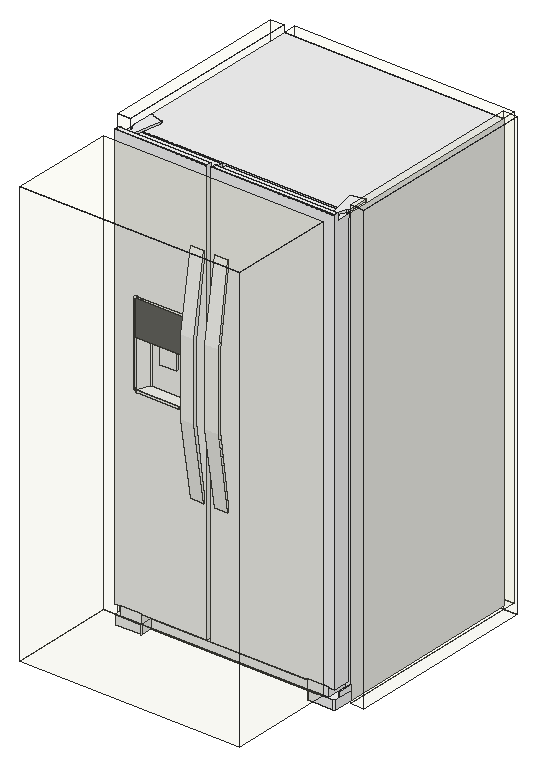
Revit family "WRS321SDHW-007c_Refrigeration_SXS", category Specialty Equipment, Revit 2026
Family settings
  Round Connector Dimension = Use Diameter
  Part Type = Normal
  Work Plane-Based = No
  Enable Cutting in Views = No
  Always vertical = Yes
  Cut with Voids When Loaded = No
  Maintain Annotation Orientation = No
  Shared = No
  Room Calculation Point = No
Parameters (values of type "WRS321SDHW")
  Width = 32 3/4"
  Warranty Duration (Years) = "One year limited"
  Voltage = 120 V
  URL = "https://www.whirlpool.com/kitchen/refrigeration/refrigerators/side-by-side/p.33-inch-wide-side-by-side-refrigerator-21-cu.-ft.wrs321sdhz.html"
  Specification = ""
  SpecWizard = ""
  Show Clearance [instance] = yes
  Send Message = ""
  Sales Information = "https://www.whirlpool.com/kitchen/refrigeration/refrigerators/side-by-side/p.33-inch-wide-side-by-side-refrigerator-21-cu.-ft.wrs321sdhz.html"
  Product Data = "https://www.whirlpool.com/content/dam/global/documents/201711/UseandCare-W11101941-RevA(ECO).pdf"
  Model = "WRS321SDHW"
  Manufacturer Website = ""
  Manufacturer Phone - Toll Free = ""
  Manufacturer Phone = ""
  Manufacturer Fax = ""
  Manufacturer Email = ""
  Manufacturer Address = ""
  Manufacturer = "Whirlpool"
  Maintenance Schedule (Months) = "NA"
  Leg Material = ARCAT - Metal - Steel - White
  Installation-Fabrication = "https://www.whirlpool.com/content/dam/global/documents/201802/installationinstructions-w11105301-reva-fr.pdf"
  Installation Phase = "NA"
  Height = 66 5/8"
  Handle Material = ARCAT - Metal - Steel - White
  HW size = 0"
  Family Name = "Freestanding Refrigerator"
  Expected Lifespan (Years) = "NA"
  Exhaust size = 0"
  Drawn By = ""
  Drain size = 0"
  Door Material = ARCAT - Metal - Steel - White
  Display Panel Material = ARCAT - Glass - Black
  Description = "Whirlpool® 33-inch Wide Side-by-Side Refrigerator - 21 cu. ft."
  Depth = 33 5/8"
  Default Elevation = 0"
  Copyright = ""
  Clearance Material = ARCAT - Clearance
  CW size = 0"
  Body Material = ARCAT - Metal - Steel - White
  Apparent Load = 0 VA
  Amps = 15 A
Reference planes (in)
  plane 1 "Center (Front/Back)": y = 0
  plane 2: z = 0
  plane 3 "Center (Left/Right)": x = 0
  plane 4: x = 16.375
  plane 5: x = -16.375
  plane 6: z = 66.625
  plane 7: y = -2
  plane 8: y = -35.625
  plane 9: z = 0
Forms (in)
  Extrusion 1, solid, material "ARCAT - Metal - Steel - White" <- "Body Material"
    sketch origin (0, -2, -0.5) x (1, 0, 0) y (0, 1, 0)
      loop
        line (-16.375, -0.125) -> (-16.375, -28.625) -> (16.375, -28.625) -> (16.375, -0.125) -> (-16.375, -0.125)
    from 1 to 66.125
  Extrusion 2, solid, material "ARCAT - Metal - Steel - White" <- "Body Material"
    sketch origin (-16.375, -2.125, -0.5) x (1, 0, 0) y (0, 0, -1)
      loop
        line (30, -1) -> (2.75, -1) -> (2.75, -1.5) -> (1, -1.5) -> (1, -11.04479) -> (3.09728, -11.04479) -> (3.09728, -11.38413) -> (7.94884, -11.38413)
        arc (7.94884, -11.38413) -> (7.96541, -11.391) -> (7.97228, -11.40757) r 0.02344
        line (7.97228, -11.40757) -> (7.97228, -11.78736) -> (30.33031, -11.78736) -> (30.33031, -11.38413) -> (31.72625, -11.38413)
        arc (31.72625, -11.38413) -> (31.74304, -11.37717) -> (31.75, -11.36038) r 0.02375
        line (31.75, -11.36038) -> (31.75, -1.5) -> (30, -1.5) -> (30, -1)
    from 0 to 0.0625
  Extrusion 3, void
    sketch origin (-16.375, -2.125, -0.5) x (-1, 0, 0) y (0, 0, -1)
      loop
        line (-2.70358, -8.12739) -> (-1.45358, -8.12739) -> (-1.45358, -5.37739) -> (-2.70358, -5.37739) -> (-2.70358, -8.12739)
    from -0.0625 to 0.86189
  Extrusion 4, solid, material "ARCAT - Clearance" <- "Clearance Material", visible <- "Show Clearance", detail levels medium+fine
    sketch origin (63.95747, -149.5, 68.375) x (-1, 0, 0) y (0, -1, 0)
      loop
        line (47.58247, -149.5) -> (80.33247, -149.5) -> (80.33247, -147.5) -> (47.58247, -147.5) -> (47.58247, -149.5)
    from -2.75 to -68.375
  Extrusion 5, solid, material "ARCAT - Metal - Steel - White" <- "Door Material"
    sketch origin (0, -4.375, 68.375) x (1, 0, 0) y (0, 1, 0)
      loop
        line (15.625, -26.25) -> (-2, -26.25) -> (-2, -29.25) -> (16.375, -29.25) -> (16.375, -26.75) -> (15.625, -26.75) -> (15.625, -26.25)
    from -3.25 to -65.125
  Extrusion 6, solid, material "ARCAT - Metal - Steel - White" <- "Door Material"
    sketch origin (0, -4.375, 68.375) x (1, 0, 0) y (0, 1, 0)
      loop
        line (-16.375, -29.25) -> (-2.625, -29.25) -> (-2.625, -26.25) -> (-15.625, -26.25) -> (-15.625, -26.75) -> (-16.375, -26.75) -> (-16.375, -29.25)
    from -3.25 to -65.125
  Extrusion 7, solid, material "ARCAT - Glass - Black" <- "Display Panel Material"
    sketch origin (-16.375, -33.625, 66.125) x (1, 0, 0) y (0, 0, 1)
      loop
        line (3.05715, -26.15412) -> (10.26402, -26.15412) -> (10.26402, -21.16472)
        arc (10.26402, -21.16472) -> (10.1908, -20.98795) -> (10.01402, -20.91472) r 0.25
        line (10.01402, -20.91472) -> (3.30715, -20.91472)
        arc (3.30715, -20.91472) -> (3.13038, -20.98795) -> (3.05715, -21.16472) r 0.25
        line (3.05715, -21.16472) -> (3.05715, -26.15412)
    from 0 to 0.0625
  Extrusion 8, solid, material "ARCAT - Metal - Steel - White" <- "Body Material"
    sketch origin (-16.375, -33.625, 63.125) x (1, 0, 0) y (0, 0, 1)
      loop
        arc (3.05715, -29.83753) -> (3.17663, -30.12597) -> (3.46508, -30.24545) r 0.40793
        line (3.46508, -30.24545) -> (9.85777, -30.24545)
        arc (9.85777, -30.24545) -> (10.14504, -30.12646) -> (10.26402, -29.8392) r 0.40625
        line (10.26402, -29.8392) -> (10.26402, -18.16472)
        arc (10.26402, -18.16472) -> (10.1908, -17.98795) -> (10.01402, -17.91472) r 0.25
        line (10.01402, -17.91472) -> (3.30715, -17.91472)
        arc (3.30715, -17.91472) -> (3.13038, -17.98795) -> (3.05715, -18.16472) r 0.25
        line (3.05715, -18.16472) -> (3.05715, -29.83753)
      loop
        arc (2.80715, -29.83753) -> (2.99985, -30.30275) -> (3.46508, -30.49545) r 0.65793
        line (3.46508, -30.49545) -> (9.85777, -30.49545)
        arc (9.85777, -30.49545) -> (10.32181, -30.30324) -> (10.51402, -29.8392) r 0.65625
        line (10.51402, -29.8392) -> (10.51402, -18.16472)
        arc (10.51402, -18.16472) -> (10.36758, -17.81117) -> (10.01402, -17.66472) r 0.5
        line (10.01402, -17.66472) -> (3.30715, -17.66472)
        arc (3.30715, -17.66472) -> (2.9536, -17.81117) -> (2.80715, -18.16472) r 0.5
        line (2.80715, -18.16472) -> (2.80715, -29.83753)
    from 0 to 0.0625
  Extrusion 9, solid, material "ARCAT - Metal - Steel - White" <- "Door Material"
    sketch origin (18, 0.59, 48) x (0, 1, 0) y (0, 0, -1)
      loop
        line (-31.4861, -17.125) -> (-34.215, -17.125) -> (-34.215, -18.59845)
        arc (-34.215, -18.59845) -> (-34.20723, -18.61722) -> (-34.18846, -18.625) r 0.02655
        line (-34.18846, -18.625) -> (-33.5593, -18.625)
        arc (-33.5593, -18.625) -> (-33.53996, -18.61699) -> (-33.53195, -18.59766) r 0.02734
        line (-33.53195, -18.59766) -> (-33.53195, -17.625) -> (-31.4861, -17.625) -> (-31.4861, -17.125)
    from 1.625 to 20
  Extrusion 10, solid, material "ARCAT - Metal - Steel - White" <- "Body Material"
    sketch origin (0.11177, -5.90625, 65.625) x (1, 0, 0) y (0, 1, 0)
      loop
        arc (-15.88854, -21.39842) -> (-16.12919, -21.45093) -> (-16.23677, -21.6725) r 0.28197
        line (-16.23677, -21.6725) -> (-16.23677, -23.92511)
        arc (-16.23677, -23.92511) -> (-16.21222, -24.28246) -> (-16.13903, -24.6331) r 2.61317
        arc (-16.13903, -24.6331) -> (-16.07566, -24.78883) -> (-15.97925, -24.92658) r 0.75155
        arc (-15.97925, -24.92658) -> (-15.69638, -25.60026) -> (-15.87916, -26.30769) r 1.14347
        arc (-15.87916, -26.30769) -> (-15.69831, -26.89334) -> (-15.15572, -26.60823) r 0.39844
        line (-15.15572, -26.60823) -> (-14.19515, -22.08907)
        arc (-14.19515, -22.08907) -> (-14.23227, -21.8807) -> (-14.40417, -21.75722) r 0.28125
        line (-14.40417, -21.75722) -> (-15.88854, -21.39842)
    from 0.25 to 0
  Extrusion 11, solid, material "ARCAT - Metal - Steel - White" <- "Body Material"
    sketch origin (-0.11177, -5.90625, 65.625) x (-1, 0, 0) y (0, -1, 0)
      loop
        line (-15.88854, 21.39842) -> (-14.40417, 21.75722)
        arc (-14.40417, 21.75722) -> (-14.23227, 21.8807) -> (-14.19515, 22.08907) r 0.28125
        line (-14.19515, 22.08907) -> (-15.15572, 26.60823)
        arc (-15.15572, 26.60823) -> (-15.69831, 26.89334) -> (-15.87916, 26.30769) r 0.39844
        arc (-15.87916, 26.30769) -> (-15.69638, 25.60026) -> (-15.97925, 24.92658) r 1.14347
        arc (-15.97925, 24.92658) -> (-16.07566, 24.78883) -> (-16.13903, 24.6331) r 0.75155
        arc (-16.13903, 24.6331) -> (-16.21222, 24.28246) -> (-16.23677, 23.92511) r 2.61317
        line (-16.23677, 23.92511) -> (-16.23677, 21.6725)
        arc (-16.23677, 21.6725) -> (-16.12919, 21.45093) -> (-15.88854, 21.39842) r 0.28197
    from 0.25 to 0
  Extrusion 12, solid, material "ARCAT - Metal - Steel - White" <- "Door Material"
    sketch origin (-22.625, 0.59, 48) x (0, 1, 0) y (0, 0, 1)
      loop
        line (-31.4861, 17.125) -> (-31.4861, 17.625) -> (-33.53195, 17.625) -> (-33.53195, 18.59766)
        arc (-33.53195, 18.59766) -> (-33.53996, 18.61699) -> (-33.5593, 18.625) r 0.02734
        line (-33.5593, 18.625) -> (-34.18846, 18.625)
        arc (-34.18846, 18.625) -> (-34.20723, 18.61722) -> (-34.215, 18.59845) r 0.02655
        line (-34.215, 18.59845) -> (-34.215, 17.125) -> (-31.4861, 17.125)
    from 6.25 to 20
  Extrusion 13, solid, material "ARCAT - Clearance" <- "Clearance Material", visible <- "Show Clearance", detail levels medium+fine
    sketch origin (63.95747, -184.125, 68.375) x (-1, 0, 0) y (0, -1, 0)
      loop
        line (47.58247, -148.5) -> (80.33247, -148.5) -> (80.33247, -132.8125) -> (47.58247, -132.8125) -> (47.58247, -148.5)
    from -1.75 to -65.125
  Extrusion 14, solid, material "ARCAT - Metal - Steel - White" <- "Handle Material"
    sketch origin (-2.28977, -4.375, -11.52278) x (0, 1, 0) y (0, 0, -1)
      loop
        line (-29.25, -66.625) -> (-29.25, -65.51985)
        arc (-29.25, -65.51985) -> (-31.00203, -49.71028) -> (-29.25, -33.90071) r 72.20562
        line (-29.25, -33.90071) -> (-29.25, -32.79555)
        arc (-29.25, -32.79555) -> (-31.25203, -49.71028) -> (-29.25, -66.625) r 72.45562
    from 0.83523 to 2.83523
  Extrusion 15, solid, material "ARCAT - Metal - Steel - White" <- "Body Material"
    sketch origin (0, -6.125, 0.5) x (0, 1, 0) y (1, 0, 0)
      loop
        line (-27.5, -12.55303) -> (-27.5, -16.18901)
        arc (-27.5, -16.18901) -> (-27.44552, -16.32052) -> (-27.31401, -16.375) r 0.18599
        line (-27.31401, -16.375) -> (-24.5, -16.375) -> (-24.5, 16.375) -> (-27.31401, 16.375)
        arc (-27.31401, 16.375) -> (-27.44552, 16.32052) -> (-27.5, 16.18901) r 0.18599
        line (-27.5, 16.18901) -> (-27.5, 12.55303)
        arc (-27.5, 12.55303) -> (-27.44508, 12.42045) -> (-27.3125, 12.36553) r 0.1875
        line (-27.3125, 12.36553) -> (-25.75, 12.36553) -> (-25.75, -12.36553) -> (-27.3125, -12.36553)
        arc (-27.3125, -12.36553) -> (-27.44508, -12.42045) -> (-27.5, -12.55303) r 0.1875
    from 0 to -1.31803
  Blend 16, solid, material "ARCAT - Metal - Steel - White" <- "Body Material"
    base sketch origin (0.30403, -2.0625, 10.4343) x (1, 0, 0) y (0, 0, -1)
      loop
        arc (15.07097, -2.67992) -> (14.89478, -2.25455) -> (14.46941, -2.07836) r 0.60156
        line (14.46941, -2.07836) -> (-15.07746, -2.07836)
        arc (-15.07746, -2.07836) -> (-15.50283, -2.25455) -> (-15.67903, -2.67992) r 0.60156
        line (-15.67903, -2.67992) -> (-15.67903, -53.58914)
        arc (-15.67903, -53.58914) -> (-15.50283, -54.01451) -> (-15.07746, -54.1907) r 0.60156
        line (-15.07746, -54.1907) -> (14.46816, -54.1907)
        arc (14.46816, -54.1907) -> (14.89441, -54.01414) -> (15.07097, -53.58789) r 0.60281
        line (15.07097, -53.58789) -> (15.07097, -2.67992)
    top sketch origin (0.30403, -2.0625, 10.4343) x (1, 0, 0) y (0, 0, -1)
      loop
        line (14.07097, -52.9407) -> (14.07097, -3.32836)
        arc (14.07097, -3.32836) -> (13.99775, -3.15158) -> (13.82097, -3.07836) r 0.25
        line (13.82097, -3.07836) -> (-14.42903, -3.07836)
        arc (-14.42903, -3.07836) -> (-14.6058, -3.15158) -> (-14.67903, -3.32836) r 0.25
        line (-14.67903, -3.32836) -> (-14.67903, -52.9407)
        arc (-14.67903, -52.9407) -> (-14.6058, -53.11748) -> (-14.42903, -53.1907) r 0.25
        line (-14.42903, -53.1907) -> (13.82097, -53.1907)
        arc (13.82097, -53.1907) -> (13.99775, -53.11748) -> (14.07097, -52.9407) r 0.25
    from -0.0625 to 0.0625
  Extrusion 17, solid, material "ARCAT - Metal - Steel - White" <- "Body Material"
    sketch origin (-12.55303, -33.625, 0.5) x (-1, 0, 0) y (0, 0, -1)
      loop
        line (2.91431, -2.75) -> (2.91431, -1.49639) -> (-0.1875, -1.49639) -> (-0.1875, -2.75) -> (2.91431, -2.75)
    from 0 to -3
  Extrusion 18, solid, material "ARCAT - Metal - Steel - White" <- "Body Material"
    sketch origin (-16.375, -33.43901, 0.5) x (0, 1, 0) y (0, 0, -1)
      loop
        line (2.81401, -1.31803) -> (0.81401, -1.31803) -> (0.81401, -1.95319)
        arc (0.81401, -1.95319) -> (0.83693, -2.00853) -> (0.89227, -2.03146) r 0.07826
        line (0.89227, -2.03146) -> (2.81401, -2.03146) -> (2.81401, -1.31803)
    from 0 to -0.12627
  Extrusion 19, solid, material "ARCAT - Metal - Steel - White" <- "Body Material"
    sketch origin (0, -6.125, 1.81803) x (0, 1, 0) y (-1, 0, 0)
      loop
        line (-24.5, 12.36553) -> (-25.75, 12.36553) -> (-25.75, -12.36553) -> (-24.5, -12.36553) -> (-24.5, 12.36553)
    from 0 to 1.43197
  Extrusion 20, solid, material "ARCAT - Metal - Steel - White" <- "Body Material"
    sketch origin (10.19697, -33.625, 0.5) x (1, 0, 0) y (0, 0, 1)
      loop
        line (5.27037, 2.75) -> (2.16856, 2.75) -> (2.16856, 1.49639) -> (5.27037, 1.49639) -> (5.27037, 2.75)
    from 0 to -3
  Extrusion 21, solid, material "ARCAT - Metal - Steel - White" <- "Body Material"
    sketch origin (16.375, -33.35917, 0.5) x (0, 1, 0) y (0, 0, 1)
      loop
        line (2.73417, 1.31803) -> (2.73417, 2.03146) -> (0.81243, 2.03146)
        arc (0.81243, 2.03146) -> (0.75709, 2.00853) -> (0.73417, 1.95319) r 0.07826
        line (0.73417, 1.95319) -> (0.73417, 1.31803) -> (2.73417, 1.31803)
    from 0 to -0.12627
  Extrusion 22, solid, material "ARCAT - Metal - Steel - White" <- "Body Material"
    sketch origin (-16.375, -2.125, -0.5) x (1, 0, 0) y (0, 0, -1)
      loop
        circle (2.07447, -12.06429) r 0.25
    from 0 to 0.03125
  Extrusion 23, void
    sketch origin (0.30403, -2, 10.4343) x (-1, 0, 0) y (0, 0, -1)
      loop
        arc (-10.00772, -46.87538) -> (-9.9345, -47.05216) -> (-9.75772, -47.12538) r 0.25
        line (-9.75772, -47.12538) -> (-9.25772, -47.12538)
        arc (-9.25772, -47.12538) -> (-9.08094, -47.05216) -> (-9.00772, -46.87538) r 0.25
        line (-9.00772, -46.87538) -> (-9.00772, -4.37538)
        arc (-9.00772, -4.37538) -> (-9.08094, -4.19861) -> (-9.25772, -4.12538) r 0.25
        line (-9.25772, -4.12538) -> (-9.75772, -4.12538)
        arc (-9.75772, -4.12538) -> (-9.9345, -4.19861) -> (-10.00772, -4.37538) r 0.25
        line (-10.00772, -4.37538) -> (-10.00772, -46.87538)
      loop
        arc (-2.00772, -46.87538) -> (-1.9345, -47.05216) -> (-1.75772, -47.12538) r 0.25
        line (-1.75772, -47.12538) -> (-1.25772, -47.12538)
        arc (-1.25772, -47.12538) -> (-1.08094, -47.05216) -> (-1.00772, -46.87538) r 0.25
        line (-1.00772, -46.87538) -> (-1.00772, -4.37538)
        arc (-1.00772, -4.37538) -> (-1.08094, -4.19861) -> (-1.25772, -4.12538) r 0.25
        line (-1.25772, -4.12538) -> (-1.75772, -4.12538)
        arc (-1.75772, -4.12538) -> (-1.9345, -4.19861) -> (-2.00772, -4.37538) r 0.25
        line (-2.00772, -4.37538) -> (-2.00772, -46.87538)
      loop
        arc (5.99228, -46.87538) -> (6.0655, -47.05216) -> (6.24228, -47.12538) r 0.25
        line (6.24228, -47.12538) -> (6.74228, -47.12538)
        arc (6.74228, -47.12538) -> (6.91906, -47.05216) -> (6.99228, -46.87538) r 0.25
        line (6.99228, -46.87538) -> (6.99228, -4.37538)
        arc (6.99228, -4.37538) -> (6.91906, -4.19861) -> (6.74228, -4.12538) r 0.25
        line (6.74228, -4.12538) -> (6.24228, -4.12538)
        arc (6.24228, -4.12538) -> (6.0655, -4.19861) -> (5.99228, -4.37538) r 0.25
        line (5.99228, -4.37538) -> (5.99228, -46.87538)
      loop
        line (-13.38272, -52.37538) -> (-0.9934, -52.37538)
        arc (-0.9934, -52.37538) -> (-0.8684, -52.25038) -> (-0.9934, -52.12538) r 0.125
        line (-0.9934, -52.12538) -> (-13.13272, -52.12538) -> (-13.13272, -4.37538) -> (-11.26397, -4.37538)
        arc (-11.26397, -4.37538) -> (-11.13897, -4.25038) -> (-11.26397, -4.12538) r 0.125
        line (-11.26397, -4.12538) -> (-13.38272, -4.12538) -> (-13.38272, -52.37538)
      loop
        arc (-8.25147, -4.12538) -> (-8.37647, -4.25038) -> (-8.25147, -4.37538) r 0.125
        line (-8.25147, -4.37538) -> (-2.76397, -4.37538)
        arc (-2.76397, -4.37538) -> (-2.63897, -4.25038) -> (-2.76397, -4.12538) r 0.125
        line (-2.76397, -4.12538) -> (-8.25147, -4.12538)
      loop
        arc (-0.25147, -4.12538) -> (-0.37647, -4.25038) -> (-0.25147, -4.37538) r 0.125
        line (-0.25147, -4.37538) -> (5.23603, -4.37538)
        arc (5.23603, -4.37538) -> (5.36103, -4.25038) -> (5.23603, -4.12538) r 0.125
        line (5.23603, -4.12538) -> (-0.25147, -4.12538)
      loop
        arc (7.74853, -4.12538) -> (7.62353, -4.25038) -> (7.74853, -4.37538) r 0.125
        line (7.74853, -4.37538) -> (10.48603, -4.37538)
        arc (10.48603, -4.37538) -> (10.61103, -4.25038) -> (10.48603, -4.12538) r 0.125
        line (10.48603, -4.12538) -> (7.74853, -4.12538)
      loop
        line (11.70584, -42.05835) -> (10.58084, -42.05835)
        arc (10.58084, -42.05835) -> (10.49245, -42.09496) -> (10.45584, -42.18335) r 0.125
        line (10.45584, -42.18335) -> (10.45584, -44.55835)
        arc (10.45584, -44.55835) -> (10.49245, -44.64673) -> (10.58084, -44.68335) r 0.125
        line (10.58084, -44.68335) -> (11.58084, -44.68335)
        arc (11.58084, -44.68335) -> (11.66923, -44.71996) -> (11.70584, -44.80835) r 0.125
        line (11.70584, -44.80835) -> (11.70584, -47.00038)
        arc (11.70584, -47.00038) -> (11.66923, -47.08877) -> (11.58084, -47.12538) r 0.125
        line (11.58084, -47.12538) -> (10.70584, -47.12538)
        arc (10.70584, -47.12538) -> (10.52906, -47.19861) -> (10.45584, -47.37538) r 0.25
        line (10.45584, -47.37538) -> (10.45584, -52.81698)
        arc (10.45584, -52.81698) -> (10.58084, -52.94198) -> (10.70584, -52.81698) r 0.125
        line (10.70584, -52.81698) -> (10.70584, -47.37538) -> (11.95584, -47.37538) -> (11.95584, -44.43335) -> (10.70584, -44.43335) -> (10.70584, -42.30835) -> (11.95584, -42.30835) -> (11.95584, -3.43335)
        arc (11.95584, -3.43335) -> (11.83084, -3.30835) -> (11.70584, -3.43335) r 0.125
        line (11.70584, -3.43335) -> (11.70584, -42.05835)
      loop
        arc (13.5444, -41.48303) -> (13.6694, -41.60803) -> (13.7944, -41.48303) r 0.125
        line (13.7944, -41.48303) -> (13.7944, -3.80835)
        arc (13.7944, -3.80835) -> (13.6694, -3.68335) -> (13.5444, -3.80835) r 0.125
        line (13.5444, -3.80835) -> (13.5444, -41.48303)
      loop
        arc (12.28421, -47.12538) -> (12.15921, -47.25038) -> (12.28421, -47.37538) r 0.125
        line (12.28421, -47.37538) -> (14.39672, -47.37538)
        arc (14.39672, -47.37538) -> (14.52172, -47.25038) -> (14.39672, -47.12538) r 0.125
        line (14.39672, -47.12538) -> (12.28421, -47.12538)
      loop
        arc (12.28421, -44.43335) -> (12.15921, -44.55835) -> (12.28421, -44.68335) r 0.125
        line (12.28421, -44.68335) -> (14.39672, -44.68335)
        arc (14.39672, -44.68335) -> (14.52172, -44.55835) -> (14.39672, -44.43335) r 0.125
        line (14.39672, -44.43335) -> (12.28421, -44.43335)
      loop
        arc (12.28421, -42.05835) -> (12.15921, -42.18335) -> (12.28421, -42.30835) r 0.125
        line (12.28421, -42.30835) -> (14.39672, -42.30835)
        arc (14.39672, -42.30835) -> (14.52172, -42.18335) -> (14.39672, -42.05835) r 0.125
        line (14.39672, -42.05835) -> (12.28421, -42.05835)
      loop
        line (0.33407, -52.71589) -> (3.02399, -52.71589) -> (3.02399, -51.21589) -> (9.83407, -51.21589)
        arc (9.83407, -51.21589) -> (10.01084, -51.14266) -> (10.08407, -50.96589) r 0.25
        line (10.08407, -50.96589) -> (10.08407, -50.46589)
        arc (10.08407, -50.46589) -> (10.01084, -50.28911) -> (9.83407, -50.21589) r 0.25
        line (9.83407, -50.21589) -> (-10.16593, -50.21589)
        arc (-10.16593, -50.21589) -> (-10.34271, -50.28911) -> (-10.41593, -50.46589) r 0.25
        line (-10.41593, -50.46589) -> (-10.41593, -50.96589)
        arc (-10.41593, -50.96589) -> (-10.34271, -51.14266) -> (-10.16593, -51.21589) r 0.25
        line (-10.16593, -51.21589) -> (0.33407, -51.21589) -> (0.33407, -52.71589)
      loop
        arc (3.89684, -52.12538) -> (3.77184, -52.25038) -> (3.89684, -52.37538) r 0.125
        line (3.89684, -52.37538) -> (9.75935, -52.37538)
        arc (9.75935, -52.37538) -> (9.88435, -52.25038) -> (9.75935, -52.12538) r 0.125
        line (9.75935, -52.12538) -> (3.89684, -52.12538)
    from 0 to 0.03125
  Extrusion 24, solid, material "ARCAT - Metal - Steel - White" <- "Door Material"
    sketch origin (-5.57963, -33.625, 42.97088) x (1, 0, 0) y (0, -1, 0)
      loop
        line (-5.38803, -1.84927) -> (-2.88153, -1.84927) -> (-2.88153, -1.58704) -> (-5.38803, -1.58704) -> (-5.38803, -1.84927)
    from 3 to 6.59133
  Extrusion 25, solid, material "ARCAT - Metal - Steel - White" <- "Leg Material"
    sketch origin (0.73842, 17.04923, 0) x (1, 0, 0) y (0, -1, 0)
      loop
        circle (-14.80738, 22.39858) r 0.75
    from 0 to -0.5
  Extrusion 26, solid, material "ARCAT - Metal - Steel - White" <- "Leg Material"
    sketch origin (0.73842, -5.97642, 0) x (1, 0, 0) y (0, -1, 0)
      loop
        circle (-14.80738, 22.39858) r 0.75
    from 0 to -0.5
  Extrusion 27, solid, material "ARCAT - Metal - Steel - White" <- "Leg Material"
    sketch origin (-0.73842, 17.04923, 0) x (1, 0, 0) y (0, -1, 0)
      loop
        circle (14.80738, 22.39858) r 0.75
    from 0 to -0.5
  Extrusion 28, solid, material "ARCAT - Metal - Steel - White" <- "Leg Material"
    sketch origin (-0.73842, -5.97642, 0) x (1, 0, 0) y (0, -1, 0)
      loop
        circle (14.80738, 22.39858) r 0.75
    from 0 to -0.5
  Extrusion 29, solid, material "ARCAT - Metal - Steel - White" <- "Door Material"
    sketch origin (-6.51723, -33.625, 34.87955) x (0, -1, 0) y (1, 0, 0)
      loop
        line (-1.80781, -5.47636) -> (-1.55496, -5.47636)
        arc (-1.55496, -5.47636) -> (-1.6668, -4.00978) -> (-1.55499, -2.5432) r 9.67341
        line (-1.55499, -2.5432) -> (-1.80784, -2.5432)
        arc (-1.80784, -2.5432) -> (-1.9168, -4.00978) -> (-1.80781, -5.47636) r 9.92341
    from 4.42548 to 8.09133
  Extrusion 30, solid, material "ARCAT - Clearance" <- "Clearance Material", visible <- "Show Clearance", detail levels medium+fine
    sketch origin (-17.58655, -2, 48) x (1, 0, 0) y (0, 0, 1)
      loop
        line (1.21155, 18.625) -> (-0.78845, 18.625) -> (-0.78845, -48) -> (1.21155, -48) -> (1.21155, 18.625)
      loop
        line (33.96155, 18.625) -> (33.96155, -48) -> (35.96155, -48) -> (35.96155, 18.625) -> (33.96155, 18.625)
    from 0 to 28.625
  Extrusion 31, void
    sketch origin (0, 0, 0.5) x (0, -1, 0) y (1, 0, 0)
      loop
        line (33.625, -6.11098) -> (31.92404, -6.86829)
        arc (31.92404, -6.86829) -> (31.81606, -6.96052) -> (31.77573, -7.09668) r 0.25
        line (31.77573, -7.09668) -> (31.77573, -12.33047)
        arc (31.77573, -12.33047) -> (31.81606, -12.46663) -> (31.92404, -12.55886) r 0.25
        line (31.92404, -12.55886) -> (33.625, -13.31617) -> (33.625, -6.11098)
    from 32.37955 to 39.47088
  Extrusion 32, solid, material "ARCAT - Metal - Steel - White" <- "Handle Material"
    sketch origin (-2.33523, -4.375, -11.52278) x (0, 1, 0) y (0, 0, 1)
      loop
        arc (-29.25, 66.625) -> (-31.25203, 49.71028) -> (-29.25, 32.79555) r 72.45562
        line (-29.25, 32.79555) -> (-29.25, 33.90071)
        arc (-29.25, 33.90071) -> (-31.00203, 49.71028) -> (-29.25, 65.51985) r 72.20562
        line (-29.25, 65.51985) -> (-29.25, 66.625)
    from 0.83523 to 2.83523
  Extrusion 33, solid, material "ARCAT - Metal - Steel - White" <- "Body Material"
    sketch origin (-16.375, -2.125, -0.5) x (1, 0, 0) y (0, 0, -1)
      loop
        line (32.75, -66.125) -> (32.75, -1) -> (32, -1) -> (32, -65.375) -> (0.75, -65.375) -> (0.75, -1) -> (0, -1) -> (0, -66.125) -> (32.75, -66.125)
    from 0 to 0.125
Cuts and joins
  Extrusion 3 cuts Extrusion 1
  joined: Extrusion 1, Extrusion 33
  Extrusion 3 cuts Extrusion 2
  Extrusion 3 cuts Extrusion 4
  Extrusion 23 cuts Blend 16
  Extrusion 31 cuts Extrusion 6
  Extrusion 31 cuts Extrusion 12
  Extrusion 31 cuts Extrusion 29
  joined: Extrusion 6, Extrusion 12, Extrusion 29
  joined: Extrusion 5, Extrusion 9
  Extrusion 31 cuts Extrusion 18
  Extrusion 31 cuts Extrusion 19
  Extrusion 31 cuts Extrusion 21
  joined: Extrusion 18, Extrusion 19, Extrusion 21
  Extrusion 31 cuts Extrusion 17
  Extrusion 31 cuts Extrusion 15
Lines and regions (in)
  symbolic lines, style "SpecialityEquipment"
    curve 1: line (16.375, -33.625, 0.5) -> (-16.375, -33.625, 0.5)
    curve 2: line (-16.375, -2, 0.5) -> (16.375, -2, 0.5)
    curve 3: line (-5.125, -35.625, 0.5) -> (-5.125, -33.625, 0.5)
    curve 4: line (-3.125, -35.625, 0.5) -> (-5.125, -35.625, 0.5)
    curve 5: line (-3.125, -33.625, 0.5) -> (-3.125, -35.625, 0.5)
    curve 6: line (-1.5, -35.625, 0.5) -> (-1.5, -33.625, 0.5)
    curve 7: line (0.5, -35.625, 0.5) -> (-1.5, -35.625, 0.5)
    curve 8: line (0.5, -33.625, 0.5) -> (0.5, -35.625, 0.5)
    curve 9: line (16.375, -33.625, 0.5) -> (16.375, -2, 0.5)
    curve 10: line (-16.375, -33.625, 0.5) -> (-16.375, -2, 0.5)
  model lines
    curve 11: line (-12.91144, -2.0625, 5.81722) -> (-12.16144, -2.0625, 5.81722)
    curve 12: line (-12.91144, -2.0625, 5.81722) -> (-12.91144, -2.0625, 1.31722)
    curve 13: line (-12.91144, -2.0625, 1.31722) -> (-12.16144, -2.0625, 1.31722)
    curve 14: line (-10.16144, -2.0625, 8.95033) -> (-11.66144, -2.0625, 8.95033)
    curve 15: line (-11.66144, -2.0625, 8.95033) -> (-11.66144, -2.0625, 1.31722)
    curve 16: line (-12.16144, -2.0625, 5.81722) -> (-12.16144, -2.0625, 1.31722)
    curve 17: line (-10.16144, -2.0625, 8.95033) -> (-10.16144, -2.0625, 1.31722)
    curve 18: line (-11.66144, -2.0625, 1.31722) -> (-10.16144, -2.0625, 1.31722)
    curve 19: line (-8.03644, -2.0625, 8.95033) -> (-9.66144, -2.0625, 8.95033)
    curve 20: line (-9.66144, -2.0625, 8.95033) -> (-9.66144, -2.0625, 1.31722)
    curve 21: line (-8.03644, -2.0625, 8.95033) -> (-8.03644, -2.0625, 1.31722)
    curve 22: line (-9.66144, -2.0625, 1.31722) -> (-8.03644, -2.0625, 1.31722)
    curve 23: line (-5.91144, -2.0625, 8.95033) -> (-7.53644, -2.0625, 8.95033)
    curve 24: line (-7.53644, -2.0625, 8.95033) -> (-7.53644, -2.0625, 1.31722)
    curve 25: line (-5.91144, -2.0625, 8.95033) -> (-5.91144, -2.0625, 1.31722)
    curve 26: line (-7.53644, -2.0625, 1.31722) -> (-5.91144, -2.0625, 1.31722)
    curve 27: circle (-15.04847, -2.125, 0.75076) r 0.17209 normal (0, 1, 0)
    curve 28: circle (15.04847, -2.125, 0.75076) r 0.17209 normal (0, -1, 0)
    curve 29: line (-3.16144, -31.875, 3.0281) -> (12.16209, -31.875, 3.0281)
    curve 30: line (-3.16144, -31.875, 1.89133) -> (-3.16144, -31.875, 3.0281)
    curve 31: line (12.16209, -31.875, 1.89133) -> (-3.16144, -31.875, 1.89133)
    curve 32: line (12.16209, -31.875, 3.0281) -> (12.16209, -31.875, 1.89133)
    curve 33: line (-11.96129, -31.875, 3.16782) -> (-6.15488, -31.875, 3.16782)
    curve 34: line (-11.96129, -31.875, 1.89133) -> (-11.96129, -31.875, 3.16782)
    curve 35: line (-6.15488, -31.875, 1.89133) -> (-11.96129, -31.875, 1.89133)
    curve 36: line (-6.15488, -31.875, 3.16782) -> (-6.15488, -31.875, 1.89133)
    curve 37: line (-3.16144, -31.875, 2.75466) -> (12.16209, -31.875, 2.75466)
    curve 38: line (-3.16144, -31.875, 2.45971) -> (12.16209, -31.875, 2.45971)
    curve 39: line (-3.16144, -31.875, 2.17846) -> (12.16209, -31.875, 2.17846)
Dimensions and locks (in)
  "Width": plane 5 to plane 4
  equal spacing: plane 5, plane 3 "Center (Left/Right)", plane 4
  "Height": plane 6 to level
  "Depth": plane 8 to plane 7
  aligned and locked: plane 2 to level
Automatic sketch dimensions
  curve 9 to plane 4 = 0"
  plane 7 to curve 9 = 0"
  curve 10 to plane 5 = 0"
  plane 8 to curve 7 = 0"
  plane 8 to curve 5 = 0"
  curve 10 to plane 8 = 2"
  curve 3 to plane 3 "Center (Left/Right)" = 5 1/8"
  curve 3 to curve 5 = 2"
  curve 6 to plane 3 "Center (Left/Right)" = 1 1/2"
  plane 3 "Center (Left/Right)" to curve 8 = 1/2"
  Extrusion 1 sketch curve to plane 5 = 0"
  Extrusion 1 sketch curve to plane 4 = 0"
  Extrusion 1 sketch curve to plane 8 = 5"
  plane 7 to Extrusion 1 sketch curve = 1/8"
  Extrusion 2 sketch curve to Extrusion 1 = 0"
  Extrusion 1 to Extrusion 2 sketch curve = 1/2"  (x2)
  Extrusion 2 sketch curve to Extrusion 1 = 1"  (x2)
  Extrusion 2 sketch curve to Extrusion 2 sketch curve = 1 3/4"
  Extrusion 2 sketch curve to Extrusion 2 sketch curve = 2.09728"
  Extrusion 2 sketch curve to Extrusion 2 sketch curve = 4 109/128"
  Extrusion 2 sketch curve to Extrusion 2 sketch curve = 3/128"
  Extrusion 2 sketch curve to Extrusion 1 = 2 3/4"
  Extrusion 2 sketch curve to Extrusion 1 = 2.41969"
  Extrusion 2 sketch curve to Extrusion 1 = 1.02375"
  Extrusion 2 sketch curve to Extrusion 2 sketch curve = 9.54479"
  Extrusion 2 sketch curve to Extrusion 2 sketch curve = 9.86038"
  Extrusion 2 sketch curve to Extrusion 2 sketch curve = 0.33934"
  Extrusion 2 sketch curve to Extrusion 2 sketch curve = 0.40323"
  Extrusion 1 to Extrusion 3 sketch curve = 2.70358"
  Extrusion 3 sketch curve to Extrusion 3 sketch curve = 1 1/4"
  Extrusion 3 sketch curve to Extrusion 1 = 7.12739"
  Extrusion 3 sketch curve to Extrusion 3 sketch curve = 2 3/4"
  curve 13 to Extrusion 2 = 0.36628"
  curve 11 to curve 11 = 3/4"
  curve 13 to curve 15 = 1/2"
  curve 17 to Extrusion 2 = 0.31722"
  curve 15 to curve 17 = 1 1/2"
  curve 14 to curve 19 = 1/2"
  curve 21 to Extrusion 2 = 0.36628"
  curve 19 to curve 23 = 1/2"
  curve 25 to Extrusion 2 = 0.31722"
  curve 24 to curve 25 = 1 5/8"
  curve 11 to curve 15 = 4 1/2"
  curve 19 to Extrusion 2 = 1.59446"
  curve 23 to Extrusion 2 = 1.59446"
  curve 15 to Extrusion 2 = 1.59446"
  curve 20 to Extrusion 2 = 0.31722"
  curve 16 to Extrusion 2 = 0.31722"
  Extrusion 4 sketch curve to plane 4 = 0"
  Extrusion 4 sketch curve to plane 5 = 0"
  plane 1 "Center (Front/Back)" to Extrusion 4 sketch curve = 0"
  plane 7 to Extrusion 4 sketch curve = 0"
  Extrusion 5 sketch curve to plane 4 = 0"
  Extrusion 5 sketch curve to plane 4 = 3/4"
  Extrusion 5 sketch curve to plane 3 "Center (Left/Right)" = 2"
  Extrusion 5 sketch curve to plane 8 = 2"
  Extrusion 5 sketch curve to Extrusion 5 sketch curve = 2 1/2"
  Extrusion 5 sketch curve to Extrusion 5 sketch curve = 1/2"
  Extrusion 6 sketch curve to plane 5 = 0"
  plane 5 to Extrusion 6 sketch curve = 3/4"
  Extrusion 6 sketch curve to plane 3 "Center (Left/Right)" = 2 5/8"
  Extrusion 6 sketch curve to plane 8 = 2"
  Extrusion 6 sketch curve to Extrusion 6 sketch curve = 2 1/2"
  Extrusion 6 sketch curve to Extrusion 6 sketch curve = 3"
  Extrusion 6 to Extrusion 7 sketch curve = 3.05715"
  Extrusion 7 sketch curve to Extrusion 7 sketch curve = 1/4"
  Extrusion 7 sketch curve to Extrusion 6 = 3.73598"
  Extrusion 7 sketch curve to Extrusion 6 = 3.48598"
  Extrusion 6 to Extrusion 7 sketch curve = 25.15412"
  Extrusion 7 sketch curve to Extrusion 7 sketch curve = 4.9894"
  Extrusion 8 sketch curve to Extrusion 8 sketch curve = 0"  (x8)
  Extrusion 6 to Extrusion 8 sketch curve = 2.80715"
  Extrusion 8 sketch curve to Extrusion 8 sketch curve = 1/4"  (x2)
  Extrusion 8 sketch curve to Extrusion 8 sketch curve = 0.40793"
  Extrusion 8 sketch curve to Extrusion 6 = 3.89223"
  Extrusion 8 sketch curve to Extrusion 6 = 3.73598"
  Extrusion 8 sketch curve to Extrusion 8 sketch curve = 13/32"
  Extrusion 6 to Extrusion 8 sketch curve = 29.37955"
  Extrusion 8 sketch curve to Extrusion 8 sketch curve = 11.6728"
  plane 6 to Extrusion 9 sketch curve = 0"
  plane 6 to Extrusion 9 sketch curve = 0.02655"
  Extrusion 9 sketch curve to plane 8 = 2"
  Extrusion 9 sketch curve to Extrusion 9 sketch curve = 0.62916"
  Extrusion 9 sketch curve to Extrusion 9 sketch curve = 7/256"
  plane 6 to Extrusion 9 sketch curve = 1"
  Extrusion 9 sketch curve to Extrusion 9 sketch curve = 2.04585"
  Extrusion 9 sketch curve to Extrusion 9 sketch curve = 1/2"
  Extrusion 10 sketch curve to plane 5 = 0.35009"
  plane 5 to Extrusion 10 sketch curve = 1/4"
  Extrusion 10 sketch curve to Extrusion 10 sketch curve = 0.28197"
  Extrusion 10 sketch curve to Extrusion 10 sketch curve = 0.06625"
  plane 5 to Extrusion 10 sketch curve = 0.94132"
  Extrusion 10 sketch curve to Extrusion 10 sketch curve = 0.82117"
  Extrusion 10 sketch curve to Extrusion 10 sketch curve = 0.38973"
  Extrusion 10 sketch curve to Extrusion 10 sketch curve = 1.48454"
  Extrusion 10 sketch curve to Extrusion 10 sketch curve = 0.06608"
  Extrusion 10 sketch curve to Extrusion 10 sketch curve = 0.2751"
  Extrusion 10 sketch curve to Extrusion 10 sketch curve = 1.792"
  Extrusion 10 sketch curve to plane 8 = 3.11052"
  Extrusion 10 sketch curve to Extrusion 10 sketch curve = 0.08284"
  Extrusion 10 sketch curve to Extrusion 10 sketch curve = 0.84247"
  Extrusion 10 sketch curve to Extrusion 10 sketch curve = 1.25344"
  Extrusion 10 sketch curve to Extrusion 10 sketch curve = 0.50437"
  Extrusion 10 sketch curve to Extrusion 10 sketch curve = 1.83603"
  Extrusion 10 sketch curve to Extrusion 10 sketch curve = 0.05848"
  Extrusion 10 sketch curve to Extrusion 10 sketch curve = 0.35809"
  Extrusion 10 sketch curve to Extrusion 10 sketch curve = 0"  (x2)
  plane 4 to Extrusion 11 sketch curve = 0.35009"
  Extrusion 11 sketch curve to plane 4 = 1/4"
  Extrusion 11 sketch curve to Extrusion 11 sketch curve = 0.28197"
  Extrusion 11 sketch curve to Extrusion 11 sketch curve = 0.06625"
  Extrusion 11 sketch curve to plane 4 = 0.94132"
  Extrusion 11 sketch curve to Extrusion 11 sketch curve = 0.82117"
  Extrusion 11 sketch curve to Extrusion 11 sketch curve = 0.38973"
  Extrusion 11 sketch curve to Extrusion 11 sketch curve = 1.48454"
  Extrusion 11 sketch curve to Extrusion 11 sketch curve = 0.06608"
  Extrusion 11 sketch curve to Extrusion 11 sketch curve = 0.2751"
  Extrusion 11 sketch curve to Extrusion 11 sketch curve = 1.792"
  Extrusion 11 sketch curve to plane 8 = 8 41/128"
  Extrusion 11 sketch curve to Extrusion 11 sketch curve = 0.3588"
  Extrusion 11 sketch curve to Extrusion 11 sketch curve = 0.27338"
  Extrusion 11 sketch curve to Extrusion 11 sketch curve = 1.83603"
  Extrusion 11 sketch curve to Extrusion 11 sketch curve = 0.50437"
  Extrusion 11 sketch curve to Extrusion 11 sketch curve = 1.04982"
  Extrusion 11 sketch curve to Extrusion 11 sketch curve = 0.84247"
  Extrusion 11 sketch curve to Extrusion 11 sketch curve = 0.08284"
  Extrusion 11 sketch curve to Extrusion 11 sketch curve = 0"  (x2)
  plane 6 to Extrusion 12 sketch curve = 0"
  plane 6 to Extrusion 12 sketch curve = 0.02655"
  Extrusion 12 sketch curve to plane 8 = 2"
  Extrusion 12 sketch curve to Extrusion 12 sketch curve = 0.62916"
  Extrusion 12 sketch curve to Extrusion 12 sketch curve = 7/256"
  plane 6 to Extrusion 12 sketch curve = 1"
  Extrusion 12 sketch curve to Extrusion 12 sketch curve = 2.04585"
  Extrusion 12 sketch curve to Extrusion 12 sketch curve = 1/2"
  Extrusion 13 sketch curve to plane 4 = 0"
  Extrusion 13 sketch curve to plane 5 = 0"
  plane 8 to Extrusion 13 sketch curve = 0"
  plane 8 to Extrusion 13 sketch curve = 15 11/16"
  Extrusion 14 sketch curve to Extrusion 14 sketch curve = 0"  (x2)
  Extrusion 14 sketch curve to plane 8 = 2"  (x2)
  Extrusion 14 sketch curve to plane 1 "Center (Front/Back)" = 36.8286"
  plane 6 to Extrusion 14 sketch curve = 11.52278"
  Extrusion 14 sketch curve to Extrusion 14 sketch curve = 1.10515"
  plane 6 to Extrusion 14 sketch curve = 28 7/16"
  Extrusion 15 sketch curve to plane 5 = 0"
  Extrusion 15 sketch curve to plane 4 = 0"
  Extrusion 15 sketch curve to plane 8 = 2"  (x2)
  Extrusion 15 sketch curve to plane 4 = 0.18599"
  plane 5 to Extrusion 15 sketch curve = 0.18599"
  Extrusion 15 sketch curve to Extrusion 15 sketch curve = 3/16"  (x2)
  Extrusion 15 sketch curve to Extrusion 15 sketch curve = 1 9/16"
  Extrusion 15 sketch curve to Extrusion 15 sketch curve = 2.81401"
  Extrusion 15 sketch curve to Extrusion 15 sketch curve = 3.63598"
  Extrusion 15 sketch curve to Extrusion 15 sketch curve = 3.82348"
  Extrusion 15 to Extrusion 17 sketch curve = 3/16"
  Extrusion 17 sketch curve to Extrusion 15 = 0.17836"
  Extrusion 15 to Extrusion 17 sketch curve = 0.72167"
  Extrusion 17 sketch curve to Extrusion 17 sketch curve = 1.25361"
  Extrusion 15 to Extrusion 18 sketch curve = 0"
  Extrusion 18 sketch curve to Extrusion 15 = 0"
  Extrusion 15 to Extrusion 18 sketch curve = 0.89227"
  Extrusion 18 sketch curve to Extrusion 18 sketch curve = 0.07826"
  Extrusion 18 sketch curve to Extrusion 15 = 0.63517"
  Extrusion 19 sketch curve to Extrusion 15 = 0"  (x4)
  Extrusion 20 sketch curve to Extrusion 15 = 1.43197"
  Extrusion 15 to Extrusion 20 sketch curve = 24.91856"
  Extrusion 20 sketch curve to Extrusion 15 = 0.17836"
  Extrusion 20 sketch curve to Extrusion 20 sketch curve = 3.10181"
  Extrusion 21 sketch curve to plane 8 = 3"
  Extrusion 21 sketch curve to Extrusion 21 sketch curve = 0.07826"
  Extrusion 21 sketch curve to Extrusion 21 sketch curve = 2"
  level to Extrusion 21 sketch curve = 1.81803"
  Extrusion 21 sketch curve to Extrusion 21 sketch curve = 0.63517"
  Extrusion 22 sketch curve to Extrusion 1 = 2.07447"
  Extrusion 1 to Extrusion 22 sketch curve = 11.06429"
  plane 5 to Extrusion 24 sketch curve = 5.40734"
  Extrusion 24 sketch curve to Extrusion 24 sketch curve = 2.5065"
  Extrusion 24 sketch curve to plane 8 = 3.58704"
  Extrusion 24 sketch curve to Extrusion 24 sketch curve = 0.26223"
  plane 5 to Extrusion 25 sketch curve = 2.30604"
  plane 7 to Extrusion 25 sketch curve = 3.34935"
  plane 5 to Extrusion 26 sketch curve = 2.30604"
  Extrusion 26 sketch curve to plane 8 = 7 1/4"
  Extrusion 27 sketch curve to plane 4 = 2.30604"
  plane 7 to Extrusion 27 sketch curve = 3.34935"
  Extrusion 28 sketch curve to plane 4 = 2.30604"
  Extrusion 28 sketch curve to plane 8 = 7 1/4"
  Extrusion 29 sketch curve to Extrusion 29 sketch curve = 0"  (x2)
  Extrusion 29 sketch curve to plane 8 = 3.80784"
  Extrusion 29 sketch curve to Extrusion 29 sketch curve = 0.00003"
  Extrusion 29 sketch curve to Extrusion 29 sketch curve = 0.25285"
  plane 8 to Extrusion 29 sketch curve = 6.00662"
  plane 5 to Extrusion 29 sketch curve = 4.38141"
  plane 5 to Extrusion 29 sketch curve = 5.84809"
  Extrusion 30 sketch curve to plane 6 = 0"  (x2)
  Extrusion 30 sketch curve to level = 0"  (x2)
  Extrusion 30 sketch curve to plane 5 = 0"
  Extrusion 30 sketch curve to plane 4 = 0"
  Extrusion 30 sketch curve to Extrusion 30 sketch curve = 2"
  plane 4 to Extrusion 30 sketch curve = 2"
  Extrusion 31 sketch curve to plane 8 = 3.84927"
  Extrusion 31 sketch curve to Extrusion 31 sketch curve = 0.14832"  (x2)
  Extrusion 31 sketch curve to Extrusion 31 sketch curve = 0.10168"  (x2)
  Extrusion 31 sketch curve to Extrusion 31 sketch curve = 1.70096"
  plane 5 to Extrusion 31 sketch curve = 3.05883"
  Extrusion 31 sketch curve to Extrusion 31 sketch curve = 0.75731"  (x2)
  Extrusion 31 sketch curve to Extrusion 31 sketch curve = 5.23379"
  Extrusion 1 to curve 27 = 0.25076"
  curve 27 to Extrusion 1 = 1.32653"
  Extrusion 1 to curve 28 = 0.25076"
  curve 28 to Extrusion 1 = 1.32653"
  Extrusion 32 sketch curve to Extrusion 32 sketch curve = 0"  (x2)
  Extrusion 32 sketch curve to plane 8 = 2"  (x2)
  Extrusion 32 sketch curve to plane 1 "Center (Front/Back)" = 36.8286"
  level to Extrusion 32 sketch curve = 21.27278"
  Extrusion 32 sketch curve to Extrusion 32 sketch curve = 1.10515"
  plane 6 to Extrusion 32 sketch curve = 28 7/16"
  Extrusion 19 to curve 35 = 0.07331"
  Extrusion 19 to curve 35 = 0.40424"
  Extrusion 19 to curve 33 = 0.08218"
  curve 33 to curve 33 = 5.80641"
  Extrusion 19 to curve 30 = 0.2219"
  curve 33 to curve 30 = 2.99344"
  curve 32 to Extrusion 19 = 0.20344"
  Extrusion 19 to curve 30 = 0.07331"
  curve 31 to curve 39 = 0.28713"
  curve 39 to curve 38 = 9/32"
  curve 37 to curve 29 = 35/128"
  Extrusion 33 sketch curve to Extrusion 1 = 0"  (x5)
  Extrusion 33 sketch curve to Extrusion 1 = 3/4"  (x2)
  Extrusion 1 to Extrusion 33 sketch curve = 3/4"
  plane 5 to Blend 16 sketch curve = 1"
  Blend 16 sketch curve to Blend 16 sketch curve = 77/128"  (x3)
  Blend 16 sketch curve to plane 4 = 1 77/128"
  plane 6 to Blend 16 sketch curve = 2"
  Blend 16 sketch curve to Blend 16 sketch curve = 0.60281"
  level to Blend 16 sketch curve = 13.11422"
  plane 5 to Blend 16 sketch curve = 2"
  Blend 16 sketch curve to Blend 16 sketch curve = 1/4"  (x5)
  Blend 16 sketch curve to plane 4 = 2 1/4"
  plane 6 to Blend 16 sketch curve = 3"
  level to Blend 16 sketch curve = 13.76265"
  Blend 16 to Extrusion 23 sketch curve = 0.68825"
  Extrusion 23 sketch curve to Extrusion 23 sketch curve = 1.86875"
  Extrusion 23 sketch curve to Extrusion 23 sketch curve = 2.71678"
  Extrusion 23 sketch curve to Extrusion 23 sketch curve = 1/4"  (x20)
  Extrusion 23 sketch curve to Extrusion 23 sketch curve = 0.15822"
  Extrusion 23 sketch curve to Extrusion 23 sketch curve = 1/2"  (x7)
  Extrusion 23 sketch curve to Extrusion 23 sketch curve = 0.75625"  (x3)
  Blend 16 to Extrusion 23 sketch curve = 1.17203"
  Extrusion 23 sketch curve to Extrusion 23 sketch curve = 5.4875"  (x2)
  Extrusion 23 sketch curve to Extrusion 23 sketch curve = 7"
  Blend 16 to Extrusion 23 sketch curve = 0.94032"
  Extrusion 23 sketch curve to Extrusion 23 sketch curve = 0.26432"
  Extrusion 23 sketch curve to Extrusion 23 sketch curve = 1.32746"
  Extrusion 23 sketch curve to Extrusion 23 sketch curve = 2.68992"
  Extrusion 23 sketch curve to Extrusion 23 sketch curve = 0.87285"
  Blend 16 to Extrusion 23 sketch curve = 1.04703"  (x2)
  Extrusion 23 sketch curve to Extrusion 23 sketch curve = 2.96829"
  Blend 16 to Extrusion 23 sketch curve = 4.91968"
  Extrusion 23 sketch curve to Extrusion 23 sketch curve = 0.07472"
  Extrusion 23 sketch curve to Extrusion 23 sketch curve = 0"  (x6)
  Extrusion 23 sketch curve to Extrusion 23 sketch curve = 0.6965"
  Blend 16 to Extrusion 23 sketch curve = 4.22319"
  Extrusion 23 sketch curve to Extrusion 23 sketch curve = 2.7375"
  Extrusion 23 sketch curve to Extrusion 23 sketch curve = 1/8"  (x14)
  Extrusion 23 sketch curve to Extrusion 23 sketch curve = 7/8"  (x2)
  Extrusion 23 sketch curve to Extrusion 23 sketch curve = 1"
  Extrusion 23 sketch curve to Extrusion 23 sketch curve = 0.32837"  (x3)
  Blend 16 to Extrusion 23 sketch curve = 1.13463"
  Blend 16 to Extrusion 23 sketch curve = 0.28231"  (x3)
  Extrusion 23 sketch curve to Extrusion 23 sketch curve = 0.6916"
  Blend 16 to Extrusion 23 sketch curve = 0.47482"
  Blend 16 to Extrusion 23 sketch curve = 0.37372"
  Extrusion 23 sketch curve to Extrusion 23 sketch curve = 0.9095"
  Blend 16 to Extrusion 23 sketch curve = 1.97482"
  Extrusion 23 sketch curve to Extrusion 23 sketch curve = 2.8405"
  Extrusion 23 sketch curve to Extrusion 23 sketch curve = 3/8"
  Extrusion 23 sketch curve to Extrusion 23 sketch curve = 4.0905"
  Extrusion 23 sketch curve to Extrusion 23 sketch curve = 3.0905"
  Extrusion 23 sketch curve to Extrusion 23 sketch curve = 2.19204"
  Extrusion 23 sketch curve to Extrusion 23 sketch curve = 2.44204"
  Extrusion 23 sketch curve to Extrusion 23 sketch curve = 2 1/8"  (x2)
  Extrusion 23 sketch curve to Extrusion 23 sketch curve = 0.57531"
  Blend 16 to Extrusion 23 sketch curve = 1.29703"
  Blend 16 to Extrusion 23 sketch curve = 0.72999"
  Blend 16 to Extrusion 23 sketch curve = 0.35499"
  radius of Extrusion 22 sketch curve = 1/4"
  radius of Extrusion 25 sketch curve = 3/4"
  radius of Extrusion 26 sketch curve = 3/4"
  radius of Extrusion 27 sketch curve = 3/4"
  radius of Extrusion 28 sketch curve = 3/4"
  radius of curve 27 = 0.17209"
  radius of curve 28 = 0.17209"
Connectors (in)
  electrical at (-14.30053, -2.09375, 11.56429), driven by "Voltage", driven by "Apparent Load"
    settings: on Extrusion 22, index 2, voltage 120 V, apparent load 0 VA, apparent load phase1 0 VA, apparent load phase2 0 VA, apparent load phase3 0 VA, power factor 1, load classification "Other", number of poles 1, system type 30, power factor state 1, is connector primary yes, connector utility no, sub classification motor no, connector description "Electrical Connection"
